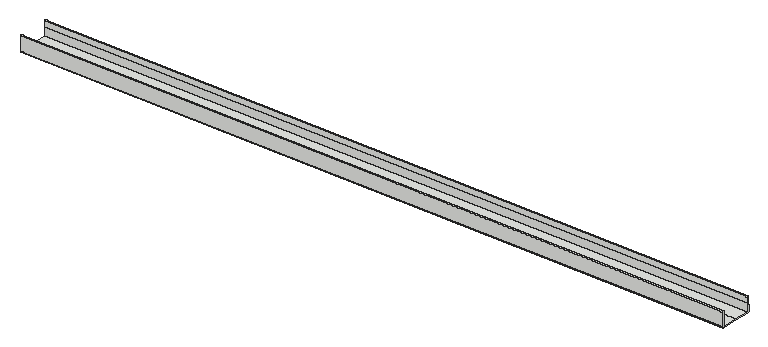
Revit family "PR36", category Mechanical Equipment, Revit 2018
Family settings
  Round Connector Dimension = Use Diameter
  Part Type = Normal
  OmniClass Number = 23.75.00.00
  OmniClass Title = Climate Control (HVAC)
  Work Plane-Based = No
  Always vertical = Yes
  Cut with Voids When Loaded = No
  Shared = No
  Room Calculation Point = No
Parameters (values of type "ISOLAMIN PR36 flashing")
  URL = "http://www.isolamin.se/"
  Thickness = "0.7 mm (Different thicknesses are available on request) \r\n0.7 mm (Different thicknesses are available on request) \r\n0.7 mm (Different thicknesses are available on request)"
  Profile Length = 1180 mm
  Model = "PR36"
  Material = "Galvanized Steel"
  Manufacturer = "ISOLAMIN AB"
  Edition = "1.0 (2018)"
Reference planes
  plane 1 "Center (Front/Back)": y = 0
  plane 2: z = 0
  plane 3 "Center (Left/Right)": x = 0
  plane 4: y = -1284.913
  plane 5: x = 1180
Forms (mm)
  Extrusion 1, solid, material "ISOLAMIN Surface Profile Material"
    sketch origin (0, 0, 0) x (0, 1, 0) y (0, 0, 1)
      loop
        line (-2, 24.256) -> (-2, 15.7) -> (-1, 15.7) -> (-1, 1) -> (-26.4, 1) -> (-51.8, 1) -> (-51.8, 15.7) -> (-50.8, 15.7) -> (-50.8, 24.256)
        arc (-50.8, 24.256) -> (-51.8, 25) -> (-52.8, 24.256) r 1.044
        line (-52.8, 24.256) -> (-52.8, 1)
        arc (-52.8, 1) -> (-52.507, 0.293) -> (-51.8, 0) r 1
        line (-51.8, 0) -> (-26.4, 0) -> (-1, 0)
        arc (-1, 0) -> (-0.293, 0.293) -> (0, 1) r 1
        line (0, 1) -> (0, 24.256)
        arc (0, 24.256) -> (-1, 25) -> (-2, 24.256) r 1.044
    from 0 to 1180
Dimensions and locks
  "Profile Length": plane 3 "Center (Left/Right)" to plane 5
  aligned and locked: level to plane 2
  aligned and locked: plane 5 to Extrusion 1
Automatic sketch dimensions
  Extrusion 1 sketch curve to level = 0 mm
  Extrusion 1 sketch curve to plane 1 "Center (Front/Back)" = 0 mm
  plane 1 "Center (Front/Back)" to Extrusion 1 sketch curve = 1 mm  (x2)
  Extrusion 1 sketch curve to Extrusion 1 sketch curve = 0 mm  (x3)
  Extrusion 1 sketch curve to Extrusion 1 sketch curve = 1 mm  (x4)
  Extrusion 1 sketch curve to Extrusion 1 sketch curve = 25.4 mm
  level to Extrusion 1 sketch curve = 24.256 mm
  Extrusion 1 sketch curve to Extrusion 1 sketch curve = 24.4 mm
  level to Extrusion 1 sketch curve = 1 mm
  Extrusion 1 sketch curve to Extrusion 1 sketch curve = 14.7 mm
  Extrusion 1 sketch curve to Extrusion 1 sketch curve = 8.556 mm
  Extrusion 1 sketch curve to Extrusion 1 sketch curve = 0.3 mm  (x2)
  Extrusion 1 sketch curve to Extrusion 1 sketch curve = 8.256 mm
